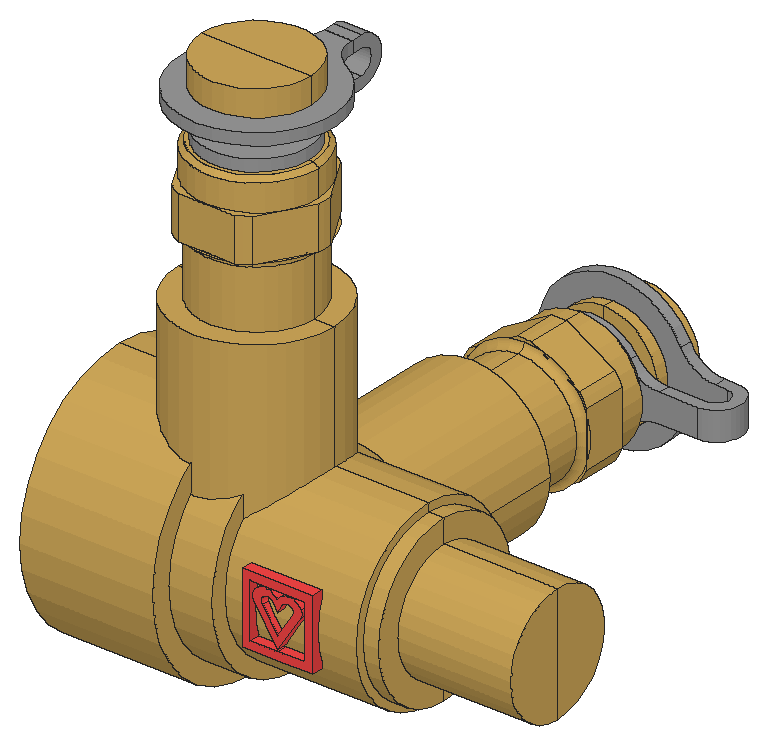
Revit family "HERZ Metering Station 4000_LF_MF", category Rohrzubehör, Revit 2020
Family settings
  Bemaßung runder Anschluss = Durchmesser verwenden
  Teiletyp = Unterbricht
  OmniClass-Nummer = 23.65.55.14
  OmniClass-Titel = Valves for Liquid Services
  Arbeitsebenenbasiert = Nein
  Immer vertikal = Ja
  Beim Laden mit Abzugskörper schneiden = Nein
  Gemeinsam genutzt = Nein
Parameters (values of type "MF")
  kvs-value [instance] = if(and(LF, Nennweite = 15.00 mm), 0.55, if(and(MF, Nennweite = 15.00 mm), 1.1, 0))  # 1.1
  Vorgabe-Ansicht = 0.00 mm
  URL = "www.herzvalves.com"
  SCRNSEQ = "AWI;AWI_TYP=\"1001\";02"
  SCRNCODE = "02;01;02"  # constant formula
  S03 = 10.00 mm  # constant formula
  S02 [instance] = S01 - 10.00 mm  # 17.50 mm
  S01 [instance] = H01  # 27.50 mm
  R01 [instance] = 10.00 mm  # constant formula
  Part number [instance] = if(and(LF, Nennweite = 15.00 mm), 1400011, if(and(MF, Nennweite = 15.00 mm), 1400021, 0))  # 1400021
  Nennweite [instance] = 15.00 mm  # constant formula
  Test point = "brass, CW602N"  # constant formula
  Model = "The metering station made of DZR brass has two measuring valves.\r\nAccording to EN 10226, the inlet has an internal thread Rp and the outlet an external thread R."
  Min. operating temperature = -20 °C  # constant formula
  Medium = "Water purity in accordance with the OeNORM H5195 and VDI 2035 standards.\r\nEthylene and propylene glycol can be mixed to a ratio of 25 - 50 vol. %."
  Max. operating pressure = 2000000.0 Pa  # constant formula
  Max. operating temperature (until DN32) = 130 °C  # constant formula
  Max. operating temperature (from DN40) = 110 °C  # constant formula
  MF = yes
  LO01 [instance] = 30.00 mm  # constant formula
  LF = no
  L05 [instance] = 23.00 mm  # constant formula
  L04 [instance] = 16.50 mm  # constant formula
  L03 [instance] = 22.60 mm  # constant formula
  L02 [instance] = 17.00 mm  # constant formula
  L01 [instance] = 17.50 mm  # constant formula
  L00 [instance] = 56.00 mm  # constant formula
  IG [instance] = Nennweite / 2  # 7.50 mm
  Hersteller = "HERZ Armaturen Ges.m.b.H."  # constant formula
  H01 [instance] = 27.50 mm  # constant formula
  GT1 [instance] = 14.50 mm  # constant formula
  GT [instance] = 13.00 mm  # constant formula
  D04 [instance] = D03 - 1.00 mm  # 10.50 mm
  D03 [instance] = 11.50 mm  # constant formula
  D02 [instance] = 13.50 mm  # constant formula
  D01 [instance] = 16.00 mm  # constant formula
  Body = "brass, CC770S"  # constant formula
  Application = "HERZ metering stations are installed in the circuit of water heating and cooling systems and enable the hydraulic balancing of the circuits with one another.\r\nThe metering stations can be used in the supply line as well as in the return line.\r\nThey are either installed closely connected to a HERZ commissioning valve to form a complete set or used in connection with a HERZ shutoff valve.\r\nThe circuit is adjusted by setting the commissioning valve while measuring the pressure loss on the metering station."
  AG [instance] = Nennweite / 2  # 7.50 mm
Types (3, lengths in mm): name | kvs-value | Part number | MF | LF
  (no name) | 1.1 | 1400021 | yes | no
  LF | 0.55 | 1400011 | no | yes
  MF | 1.1 | 1400021 | yes | no
Reference planes
  plane 1 "Mitte (Vorne/hinten)": y = 0
  plane 2: z = 0
  plane 3 "Mitte (Links/rechts)": x = 0
Forms (mm)
  Revolve 1, solid, material "Messing, weicher Gelbton, geschweißt", detail levels fine
    sketch origin (0, 0, 0) x (1, 0, 0) y (0, 0, 1)
      loop
        line (-4.5, 0) -> (38.5, 0) -> (38.5, 7.5) -> (24, 7.5) -> (24, 10.5) -> (22, 10.5) -> (22, 11.5) -> (5.1, 11.5) -> (5.1, 13.5) -> (-0.5, 13.5) -> (-0.5, 16) -> (-17.5, 16) -> (-17.5, 7.5) -> (-4.5, 7.5) -> (-4.5, 0)
      axis (-17.5, 0) -> (38.5, 0)
    angle from 0 to 360
  Revolve 2, solid, material "Messing, weicher Gelbton, geschweißt", detail levels fine
    sketch origin (0, 0, 0) x (1, 0, 0) y (0, 0, 1)
      loop
        line (-10, 7.5) -> (0, 7.5) -> (0, 27.5) -> (-10, 27.5) -> (-10, 7.5)
      axis (0, 27.5) -> (0, 7.5)
    angle from 0 to 360
  Revolve 3, solid, material "Messing, weicher Gelbton, geschweißt", detail levels fine
    sketch origin (0, 0, 0) x (1, 0, 0) y (0, 1, 0)
      loop
        line (5.5, 7.5) -> (15.5, 7.5) -> (15.5, 27.5) -> (5.5, 27.5) -> (5.5, 7.5)
      axis (5.5, 27.5) -> (5.5, 7.5)
    angle from 0 to 360
Lines and regions (mm)
  model lines, detail levels coarse+medium
    curve 1: line (-17.5, 0, 0) -> (0.5, 0, 0)
    curve 2: line (10.5, 0, -27.5) -> (10.5, 0, 27.5)
    curve 3: line (20.5, 0, 17.5) -> (20.5, 0, -17.5)
    curve 4: line (20.5, 0, 0) -> (38.5, 0, 0)
    curve 5: line (0.5, 0, 17.5) -> (0.5, 0, -17.5)
    curve 6: line (-17.5, 0, 0) -> (0.5, 0, 0)
    curve 7: line (10.5, 27.5, 0) -> (10.5, -27.5, 0)
    curve 8: line (0.5, 17.5, 0) -> (0.5, -17.5, 0)
    curve 9: line (20.5, 17.5, 0) -> (20.5, -17.5, 0)
    curve 10: line (20.5, 0, 0) -> (38.5, 0, 0)
Dimensions and locks
  "L00": Revolve 1 sketch curve to Revolve 1 sketch curve
  "GT": Revolve 1 sketch curve to Revolve 1 sketch curve
  "L01": plane 3 "Mitte (Links/rechts)" to Revolve 1 sketch curve
  "GT1": Revolve 1 sketch curve to Revolve 1 sketch curve
  "L02": Revolve 1 sketch curve to Revolve 1 sketch curve
  "L03": Revolve 1 sketch curve to Revolve 1 sketch curve
  "L04": Revolve 1 sketch curve to Revolve 1 sketch curve
  "AG": Revolve 1 sketch curve to plane 2
  "IG": Revolve 1 sketch curve to plane 2
  "D01": Revolve 1 sketch curve to plane 2
  "D02": Revolve 1 sketch curve to plane 2
  "D03": Revolve 1 sketch curve to plane 2
  "D04": Revolve 1 sketch curve to plane 2
  "D03": nested 1 to plane 1 "Mitte (Vorne/hinten)"
  "LO01": Revolve 1 to nested 1
  "IG": Revolve 2 sketch curve to plane 2
  "H01": Revolve 2 sketch curve to plane 2
  "R01": plane 3 "Mitte (Links/rechts)" to Revolve 2 sketch curve
  "H01": nested 2 to plane 2
  "IG": plane 1 "Mitte (Vorne/hinten)" to Revolve 3 sketch curve
  "H01": plane 1 "Mitte (Vorne/hinten)" to Revolve 3 sketch curve
  "R01": Revolve 3 sketch curve to Revolve 3 sketch curve
  "L05": Revolve 1 to Revolve 3 sketch curve  (x2)
  "H01": plane 1 "Mitte (Vorne/hinten)" to nested 3
  "L05": Revolve 1 to nested 3
  "L01": Revolve 1 to nested 2
  "S01": curve 2 to curve 4 to curve 2
  "L00": curve 1 to curve 4
  "S02": curve 3 to curve 4 to curve 3
  "S03": curve 2 to curve 3
  "S03": curve 2 to curve 5
  equal spacing: curve 4, curve 2, curve 1
  "S02": curve 5 to curve 1 to curve 5
  "L01": plane 3 "Mitte (Links/rechts)" to curve 1
  "L00": curve 6 to curve 10
  equal spacing: curve 6, curve 7, curve 10
  "S03": curve 8 to curve 7 to curve 9
  "S02": curve 9 to curve 10 to curve 9
  "S02": curve 8 to curve 6 to curve 8
  "S01": curve 7 to curve 10 to curve 7
  "L01": curve 6 to plane 3 "Mitte (Links/rechts)"
  aligned and locked: level to plane 2
Automatic sketch dimensions
  curve 4 to level = 0.00 mm
  curve 1 to level = 0.00 mm
  plane 1 "Mitte (Vorne/hinten)" to curve 10 = 0.00 mm
  plane 1 "Mitte (Vorne/hinten)" to curve 6 = 0.00 mm
  Revolve 1 sketch curve to level = 0.00 mm  (x2)
  Revolve 1 sketch curve to Revolve 1 sketch curve = 1489.03 mm
  Revolve 1 sketch curve to Revolve 1 sketch curve = 1800.648 mm
  Revolve 2 sketch curve to plane 3 "Mitte (Links/rechts)" = 0.00 mm  (x2)
  Revolve 2 sketch curve to level = 366.045 mm
  Revolve 2 sketch curve to Revolve 2 sketch curve = 2186.815 mm
  Revolve 3 sketch curve to Revolve 3 sketch curve = 0.00 mm  (x2)
Nested families
  nested 1: "Herz-Logo-vorne" at (12.5, -11.5, 0) x (0, 1, 0) z (0, 0, 1), type "Herz-Logo-vorne", detail levels fine
  nested 2: "Messstutzen_Band_Eintritt_senkrecht_(oben)" at (0, 0, 18.5), type "Messstutzen_Band_Eintritt_senkrecht_(oben)", detail levels fine
    with Schutzkappe yes, Nennweite 0.00 mm, Gewicht 0.00 kg, Bestellnummer 0
  nested 3: "Messstutzen_Band_Austritt_waagrecht" at (5.5, 18.5, 0) x (0, -1, 0) z (0, 0, 1), type "Messstutzen_Band_Austritt_waagrecht", detail levels fine
    with Schutzkappe yes, Nennweite 0.00 mm, Gewicht 0.00 kg, Bestellnummer 0
Connectors
  piping at (-4.5, 0, 0), diameter 15, driven by "Nennweite"
    settings: on Revolve 1, index 1, connector inside diameter 609.6 mm, connector length 0.00 mm, flow factor 0, pipe flow 0.0 L/s, pressure drop 0.0 Pa, fitting loss kfactor 0, connector angle 0.00°, fixture units 0, engagement length 0.00 mm, angle of deflection 0.00°, flow configuration 0, flow direction 1, fitting loss method 0, system type 29, joint type 0, gender type 0, connector reference index -1, connector utility 0, adjustable connector no, is connector primary yes, connector description ""
  piping at (38.5, 0, 0), diameter 15, driven by "Nennweite"
    settings: on Revolve 1, index 2, connector inside diameter 609.6 mm, connector length 0.00 mm, flow factor 0, pipe flow 0.0 L/s, pressure drop 0.0 Pa, fitting loss kfactor 0, connector angle 0.00°, fixture units 0, engagement length 0.00 mm, angle of deflection 0.00°, flow configuration 0, flow direction 2, fitting loss method 0, system type 29, joint type 0, gender type 0, connector reference index -1, connector utility 0, adjustable connector no, is connector primary no, connector description ""
Definition of nested family "Herz-Logo-vorne"
  Parameters (values of type "Herz-Logo-vorne")
    Default Elevation = 0.00 mm
  Reference planes
    plane 1 "Mitte (Vorne/hinten)": y = 0
    plane 2: z = 0
    plane 3 "Mitte (Links/rechts)": x = 0
  Forms (mm)
    Extrusion 1, solid
      sketch origin (0.732, -0.018, 0.017) x (0, -1, 0) y (0, 0, 1)
        loop
          line (-0.018, -4.517) -> (4.482, -4.517) -> (4.482, 4.483) -> (-4.518, 4.483) -> (-4.518, -4.517) -> (-0.018, -4.517)
        loop
          line (-0.05, -3.48) -> (3.482, -3.48) -> (3.482, 3.483) -> (-3.518, 3.483) -> (-3.518, -3.48) -> (-0.05, -3.48)
        loop
          arc (-0.018, 2.383) -> (-1.543, 3.287) -> (-3.067, 2.383) r 1.738
          arc (-3.067, 2.383) -> (-3.191, 1.899) -> (-3.067, 1.415) r 1.009
          line (-3.067, 1.415) -> (-0.018, -3.281) -> (3.032, 1.415)
          arc (3.032, 1.415) -> (3.156, 1.899) -> (3.032, 2.383) r 1.009
          arc (3.032, 2.383) -> (1.507, 3.287) -> (-0.018, 2.383) r 1.738
        loop
          arc (1.885, 1.272) -> (2.005, 1.675) -> (1.885, 2.079) r 0.74
          arc (1.885, 2.079) -> (1.265, 2.416) -> (0.644, 2.079) r 0.74
          line (0.644, 2.079) -> (-0.018, 0.97) -> (-0.679, 2.079)
          arc (-0.679, 2.079) -> (-1.3, 2.416) -> (-1.921, 2.079) r 0.74
          arc (-1.921, 2.079) -> (-2.04, 1.675) -> (-1.921, 1.272) r 0.74
          line (-1.921, 1.272) -> (-0.018, -1.658) -> (1.885, 1.272)
      from 0 to 1.5
  Dimensions and locks
    aligned and locked: level to plane 2
Definition of nested family "Messstutzen_Band_Eintritt_senkrecht_(oben)"
  Parameters (values of type "Messstutzen_Band_Eintritt_senkrecht_(oben)")
    Default Elevation = 0.00 mm
    URL = "www.herz-armaturen.at"
    Schutzkappe [instance] = yes
    Nennweite [instance] = 0.00 mm
    Manufacturer = "Herz Armaturen GmbH"  # constant formula
    Gewicht [instance] = 0.00 kg
    Bestellnummer [instance] = 0
  Reference planes
    plane 1 "Mitte (Vorne/hinten)": y = 0
    plane 2: z = 0
    plane 3 "Mitte (Links/rechts)": x = 0
    plane 4 "Schlaufe 1": z = -27
    plane 5 "Schlaufe 2": z = -31.678
  Forms (mm)
    Revolve 1, solid, detail levels fine
      sketch origin (0, 0, 0) x (1, 0, 0) y (0, 0, 1)
        loop
          line (-7.4, 9) -> (-5.55, 9) -> (-5.55, 6)
          arc (-5.55, 6) -> (-5.626, 5.617) -> (-5.843, 5.293) r 1
          line (-5.843, 5.293) -> (-6.455, 4.681) -> (-6.455, 0.9) -> (-5.555, 0) -> (-2, 0) -> (-2, 17.5) -> (-8.4, 17.5)
          arc (-8.4, 17.5) -> (-7.693, 17.207) -> (-7.4, 16.5) r 1
          line (-7.4, 16.5) -> (-7.4, 9)
        loop
          line (-3.7, 27) -> (-7.3, 27) -> (-7.9, 26.4) -> (-7.9, 23) -> (-2, 23) -> (-2, 35.8) -> (-3.805, 35.8) -> (-4.415, 35.19) -> (-4.415, 30.863) -> (-3.7, 30.45) -> (-3.7, 27)
        axis (0, 0) -> (0, 35.8)
      angle from 0 to 360
    Extrusion 2, solid, detail levels fine
      sketch origin (0, 0, 17.5) x (0, 1, 0) y (-1, 0, 0)
        loop
          arc (-7.07, 5.156) -> (-7.578, 4.375) -> (-8, 3.544) r 8.75
          line (-8, 3.544) -> (-8, -3.544)
          arc (-8, -3.544) -> (-7.578, -4.375) -> (-7.07, -5.156) r 8.75
          line (-7.07, -5.156) -> (-0.93, -8.7)
          arc (-0.93, -8.7) -> (0, -8.75) -> (0.93, -8.7) r 8.75
          line (0.93, -8.7) -> (7.07, -5.156)
          arc (7.07, -5.156) -> (7.578, -4.375) -> (8, -3.544) r 8.75
          line (8, -3.544) -> (8, 3.544)
          arc (8, 3.544) -> (7.578, 4.375) -> (7.07, 5.156) r 8.75
          line (7.07, 5.156) -> (0.93, 8.7)
          arc (0.93, 8.7) -> (0, 8.75) -> (-0.93, 8.7) r 8.75
          line (-0.93, 8.7) -> (-7.07, 5.156)
      from 0 to 5.5
    Revolve 3, solid, visible <- "Schutzkappe", detail levels fine
      sketch origin (0, 0, 0) x (1, 0, 0) y (0, 0, 1)
        loop
          line (0, 35.878) -> (0, 36.678) -> (-7, 36.678) -> (-7, 33.378) -> (-6.1, 33.378) -> (-6.1, 31.678) -> (-6.9, 31.678) -> (-6.9, 30.178) -> (-4.415, 30.178) -> (-4.415, 35.268) -> (-3.805, 35.878) -> (0, 35.878)
        axis (0, 30.178) -> (0, 36.678)
      angle from 0 to 360
    Extrusion 4, solid, detail levels fine
      sketch origin (0, 0, 28.5) x (1, 0, 0) y (0, 1, 0)
        loop
          circle (0, 0) r 3.7
        loop
          arc (-3.906, 5.505) -> (0, -6.75) -> (3.906, 5.505) r 6.75
          arc (3.906, 5.505) -> (2.358, 7.288) -> (1.8, 9.582) r 5
          line (1.8, 9.582) -> (-1.8, 9.582)
          arc (-1.8, 9.582) -> (-2.358, 7.288) -> (-3.906, 5.505) r 5
      from 0 to -1.5
    Extrusion 5, solid, detail levels fine
      sketch origin (0, 0, 33.178) x (1, 0, 0) y (0, 1, 0)
        loop
          circle (0, 0) r 6.1
        loop
          arc (-4.495, 8.652) -> (0, -9.75) -> (4.495, 8.652) r 9.75
          arc (4.495, 8.652) -> (2.527, 10.493) -> (1.8, 13.089) r 5
          line (1.8, 13.089) -> (-1.8, 13.089)
          arc (-1.8, 13.089) -> (-2.527, 10.493) -> (-4.495, 8.652) r 5
      from 0 to -1.5
    Sweep 6, solid, detail levels fine
      path origin (0, 0, 0) x (0, 0, -1) y (0, -1, 0)
        loop
          line (-27.75, -9.582) -> (-27.75, -14.522)
          arc (-27.75, -14.522) -> (-30.089, -16.862) -> (-32.428, -14.522) r 2.339
          line (-32.428, -14.522) -> (-32.428, -13.089)
      profile origin (0, 12.052, 27.75) x (0, 0, 1) y (1, 0, 0)
        loop
          line (-0.75, -1.8) -> (0.75, -1.8) -> (0.75, 1.8) -> (-0.75, 1.8) -> (-0.75, -1.8)
  Dimensions and locks
    aligned and locked: level to plane 2
Definition of nested family "Messstutzen_Band_Austritt_waagrecht"
  Parameters (values of type "Messstutzen_Band_Austritt_waagrecht")
    Default Elevation = 0.00 mm
    URL = "www.herz-armaturen.at"
    Schutzkappe [instance] = yes
    Nennweite [instance] = 0.00 mm
    Manufacturer = "Herz Armaturen GmbH"  # constant formula
    Gewicht [instance] = 0.00 kg
    Bestellnummer [instance] = 0
  Reference planes
    plane 1 "Mitte (Vorne/hinten)": y = 0
    plane 2: z = 0
    plane 3 "Mitte (Links/rechts)": x = 0
  Forms (mm)
    Revolve 1, solid, detail levels fine
      sketch origin (0, 0, 0) x (0, 0, -1) y (1, 0, 0)
        loop
          line (-7.4, -9) -> (-7.4, -16.5)
          arc (-7.4, -16.5) -> (-7.693, -17.207) -> (-8.4, -17.5) r 1
          line (-8.4, -17.5) -> (-2, -17.5) -> (-2, 0) -> (-5.555, 0) -> (-6.455, -0.9) -> (-6.455, -4.681) -> (-5.843, -5.293)
          arc (-5.843, -5.293) -> (-5.626, -5.617) -> (-5.55, -6) r 1
          line (-5.55, -6) -> (-5.55, -9) -> (-7.4, -9)
        loop
          line (-3.7, -27) -> (-3.7, -30.45) -> (-4.415, -30.863) -> (-4.415, -35.19) -> (-3.805, -35.8) -> (-2, -35.8) -> (-2, -23) -> (-7.9, -23) -> (-7.9, -26.4) -> (-7.3, -27) -> (-3.7, -27)
        axis (0, 0) -> (0, -35.8)
      angle from 0 to 360
    Extrusion 2, solid, detail levels fine
      sketch origin (-17.5, 0, 0) x (0, 0, 1) y (0, 1, 0)
        loop
          line (5.156, -7.07) -> (8.7, -0.93)
          arc (8.7, -0.93) -> (8.75, 0) -> (8.7, 0.93) r 8.75
          line (8.7, 0.93) -> (5.156, 7.07)
          arc (5.156, 7.07) -> (4.375, 7.578) -> (3.544, 8) r 8.75
          line (3.544, 8) -> (-3.544, 8)
          arc (-3.544, 8) -> (-4.375, 7.578) -> (-5.156, 7.07) r 8.75
          line (-5.156, 7.07) -> (-8.7, 0.93)
          arc (-8.7, 0.93) -> (-8.75, 0) -> (-8.7, -0.93) r 8.75
          line (-8.7, -0.93) -> (-5.156, -7.07)
          arc (-5.156, -7.07) -> (-4.375, -7.578) -> (-3.544, -8) r 8.75
          line (-3.544, -8) -> (3.544, -8)
          arc (3.544, -8) -> (4.375, -7.578) -> (5.156, -7.07) r 8.75
      from 0 to 5.5
    Revolve 3, solid, visible <- "Schutzkappe", detail levels fine
      sketch origin (0, 0, 0) x (0, 0, -1) y (1, 0, 0)
        loop
          line (0, -35.878) -> (-3.805, -35.878) -> (-4.415, -35.268) -> (-4.415, -30.178) -> (-6.9, -30.178) -> (-6.9, -31.678) -> (-6.1, -31.678) -> (-6.1, -33.378) -> (-7, -33.378) -> (-7, -36.678) -> (0, -36.678) -> (0, -35.878)
        axis (0, -30.178) -> (0, -36.678)
      angle from 0 to 360
    Extrusion 4, solid, detail levels fine
      sketch origin (-27, 0, 0) x (0, 1, 0) y (0, 0, 1)
        loop
          circle (0, 0) r 3.7
        loop
          arc (5.505, 3.906) -> (-6.75, 0) -> (5.505, -3.906) r 6.75
          arc (5.505, -3.906) -> (7.288, -2.358) -> (9.582, -1.8) r 5
          line (9.582, -1.8) -> (9.582, 1.8)
          arc (9.582, 1.8) -> (7.288, 2.358) -> (5.505, 3.906) r 5
      from 0 to -1.5
    Extrusion 5, solid, detail levels fine
      sketch origin (-31.678, 0, 0) x (0, 1, 0) y (0, 0, 1)
        loop
          circle (0, 0) r 6.1
        loop
          arc (8.652, 4.495) -> (-9.75, 0) -> (8.652, -4.495) r 9.75
          arc (8.652, -4.495) -> (10.493, -2.527) -> (13.089, -1.8) r 5
          line (13.089, -1.8) -> (13.089, 1.8)
          arc (13.089, 1.8) -> (10.493, 2.527) -> (8.652, 4.495) r 5
      from 0 to -1.5
    Sweep 6, solid, detail levels fine
      path origin (0, 0, 0) x (0, -1, 0) y (1, 0, 0)
        loop
          line (-9.582, -27.75) -> (-14.522, -27.75)
          arc (-14.522, -27.75) -> (-16.862, -30.089) -> (-14.522, -32.428) r 2.339
          line (-14.522, -32.428) -> (-13.089, -32.428)
      profile origin (-27.75, 12.052, 0) x (-1, 0, 0) y (0, 0, 1)
        loop
          line (-0.75, 1.8) -> (-0.75, -1.8) -> (0.75, -1.8) -> (0.75, 1.8) -> (-0.75, 1.8)
  Cuts and joins
    joined: Extrusion 4, Extrusion 5, Sweep 6
  Dimensions and locks
    aligned and locked: level to plane 2
